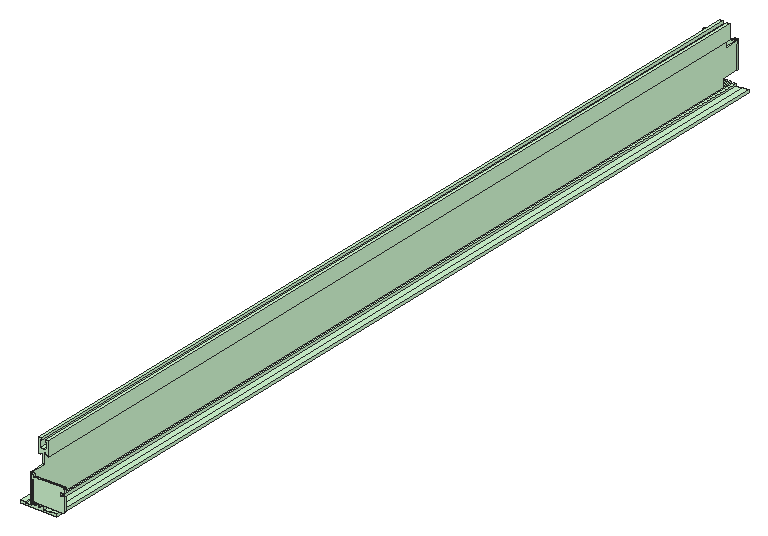
Revit family "eTバー4025クロス(600グリッド用)", category 機械設備, Revit 2020
Family settings
  丸型コネクタ寸法 = 直径を使用
  種別 = なし
  パーツ タイプ = 標準
  作業面ベース = いいえ
  常に垂直 = はい
  ロード時にボイドで切り取り = いいえ
  共有 = いいえ
  部屋計算ポイント = いいえ
Parameters
  製造元 = "株式会社桐井製作所"
  既定の高さ = 0 mm
  URL = "https://www.kirii.co.jp/"
  K_長さ(mm) = 600 mm
  K_材質 = "溶融亜鉛めっき鋼板及び鋼帯SGCC 一般用　カラー鋼板"
  K_品名 = "eTバー4025クロス(600グリッド用)"
  K_名称 = "Tバー"
  K_入数 = "25"
  K_バージョン情報 = "20220915"
  K_めっき付着量 = "JIS G 3302 Z12、カラー鋼板　塗装膜厚20μ(白色)"
  K_JIS規格 = "JIS G 3302"
Reference planes
  plane 1 "中心(正面/背面)": y = 0
  plane 2: z = 0
  plane 3 "中心(左/右)": x = 0
  plane 4: y = 600
Forms (mm)
  Extrusion 1, solid
    sketch origin (0, -1320, 7.1) x (-1, 0, 0) y (0, 0, 1)
      loop
        line (0.65, 26.456) -> (2.4, 24.9) -> (3.5, 24.9) -> (3.5, 34.9) -> (1.403, 34.9) -> (1.403, 33.4) -> (2.203, 33.4) -> (2.141, 29.141) -> (1.059, 28.059) -> (-0.917, 28) -> (-2.141, 29.141) -> (-2.203, 33.4) -> (-1.403, 33.4) -> (-1.403, 34.9) -> (-3.5, 34.9) -> (-3.5, 24.9) -> (-2.4, 24.9) -> (-0.65, 26.456) -> (-0.65, -5.1) -> (-2.488, -5.1) -> (-2.488, -4.3) -> (-3.5, -4.3) -> (-3.5, -5.9) -> (-8.5, -5.9) -> (-8.5, -5.1) -> (-12.5, -5.1) -> (-12.5, -7.1) -> (12.5, -7.1) -> (12.5, -5.1) -> (8.5, -5.1) -> (8.5, -5.9) -> (3.5, -5.9) -> (3.5, -4.3) -> (2.488, -4.3) -> (2.488, -5.1) -> (0.65, -5.1) -> (0.65, 26.456)
    from 1320 to 1920
  Extrusion 2, void
    sketch origin (0, 0, 0) x (0, 1, 0) y (0, 0, 1)
      loop
        line (5, 41.941) -> (0, 41.941) -> (0, 25.9) -> (5, 25.9) -> (5, 41.941)
    from -3.77 to 3.77
  Extrusion 3, solid
    sketch origin (-0.114, 0, 16.166) x (1, 0, 0) y (0, 1, 0)
      loop
        line (24.214, -7.2) -> (24.214, -5.9) -> (1.464, -5.9)
        arc (1.464, -5.9) -> (0.969, -5.695) -> (0.764, -5.2) r 0.7
        line (0.764, -5.2) -> (0.764, 0) -> (-0.536, 0) -> (-0.536, -5.2)
        arc (-0.536, -5.2) -> (0.05, -6.614) -> (1.464, -7.2) r 2
        line (1.464, -7.2) -> (24.214, -7.2)
    from -8.334 to 9.734
  Extrusion 4, void
    sketch origin (0, 0, -7.234) x (1, 0, 0) y (0, 0, 1)
      loop
        line (2.6, 31.999) -> (23.1, 31.999)
        arc (23.1, 31.999) -> (23.807, 31.706) -> (24.1, 30.999) r 1
        line (24.1, 30.999) -> (24.1, 33.134) -> (2.6, 33.134) -> (2.6, 31.999)
    from 5.9 to 7.2
  Extrusion 5, void
    sketch origin (0, 0, -7.234) x (1, 0, 0) y (0, 0, 1)
      loop
        line (24.1, 26.599) -> (24.1, 28.599) -> (21.1, 28.599) -> (21.1, 26.599) -> (24.1, 26.599)
    from 5.9 to 7.2
  Extrusion 6, void
    sketch origin (0, 0, 0) x (0, 1, 0) y (0, 0, 1)
      loop
        line (6.9, 7.833) -> (0, 7.833) -> (0, 2.8) -> (6.9, 2.8) -> (6.9, 7.833)
    from -0.65 to 0.65
  Extrusion 7, void
    sketch origin (0, -13.6, -8.031) x (1, 0, 0) y (0, 0, -1)
      loop
        line (22.1, -16.931) -> (2.6, -16.931) -> (2.6, -15.864) -> (24.1, -15.864) -> (24.1, -17.999)
        arc (24.1, -17.999) -> (23.231, -17.237) -> (22.1, -16.999) r 2.28
    from 6.4 to 7.7
  Extrusion 8, void
    sketch origin (0, 600, 0) x (0, -1, 0) y (0, 0, -1)
      loop
        line (5, -41.941) -> (5, -25.737) -> (0, -25.737) -> (0, -41.941) -> (5, -41.941)
    from -3.77 to 3.77
  Extrusion 9, void
    sketch origin (0, 600, 0) x (0, -1, 0) y (0, 0, -1)
      loop
        line (6.9, -7.833) -> (6.9, -2.8) -> (0, -2.8) -> (0, -7.833) -> (6.9, -7.833)
    from -0.65 to 0.65
  Extrusion 10, solid
    sketch origin (0.114, 600, 16.166) x (-1, 0, 0) y (0, -1, 0)
      loop
        line (24.214, -7.2) -> (24.214, -5.9) -> (1.464, -5.9)
        arc (1.464, -5.9) -> (0.969, -5.695) -> (0.764, -5.2) r 0.7
        line (0.764, -5.2) -> (0.764, 0) -> (-0.536, 0) -> (-0.536, -5.2)
        arc (-0.536, -5.2) -> (0.05, -6.614) -> (1.464, -7.2) r 2
        line (1.464, -7.2) -> (24.214, -7.2)
    from -8.334 to 9.571
  Extrusion 11, void
    sketch origin (0, 600, -7.234) x (-1, 0, 0) y (0, 0, 1)
      loop
        line (24.1, 26.599) -> (24.1, 28.599) -> (21.1, 28.599) -> (21.1, 26.599) -> (24.1, 26.599)
    from 5.9 to 7.2
  Extrusion 12, void
    sketch origin (0, 600, -8.099) x (-1, 0, 0) y (0, 0, 1)
      loop
        line (24.1, 15.931) -> (24.1, 17.999)
        arc (24.1, 17.999) -> (23.231, 17.237) -> (22.1, 16.999) r 2.28
        line (22.1, 16.999) -> (2.6, 16.999) -> (2.6, 15.931) -> (24.1, 15.931)
    from 5.9 to 7.2
  Extrusion 13, void
    sketch origin (0, 613.6, -7.396) x (-1, 0, 0) y (0, 0, -1)
      loop
        line (2.6, -31.999) -> (2.6, -33.134) -> (24.1, -33.134) -> (24.1, -30.999)
        arc (24.1, -30.999) -> (23.807, -31.706) -> (23.1, -31.999) r 1
        line (23.1, -31.999) -> (2.6, -31.999)
    from 6.4 to 7.7
Cuts and joins
  Extrusion 2, Extrusion 6, Extrusion 7, Extrusion 8, Extrusion 9 cuts Extrusion 1
  Extrusion 4, Extrusion 5, Extrusion 7 cuts Extrusion 3
  Extrusion 11, Extrusion 12, Extrusion 13 cuts Extrusion 10
  joined: Extrusion 1, Extrusion 3, Extrusion 10
Dimensions and locks
  plane 4 to plane 1 "中心(正面/背面)" = 600 mm
  aligned and locked: level to plane 2
  aligned and locked: plane 4 to Extrusion 1
